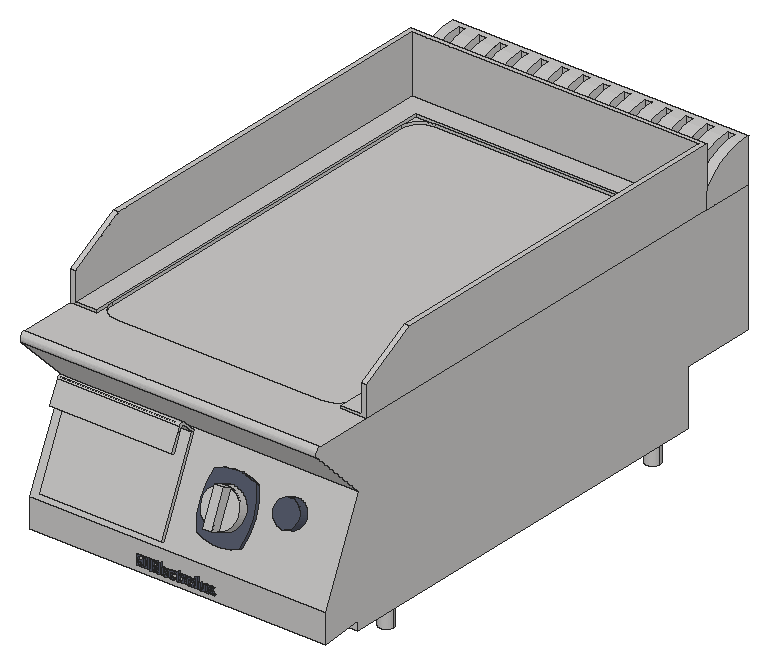
Revit family "QF_ELECTROLUXPROFESSIONAL_371408_E7IIDTAOMCI", category Attrezzature speciali, Revit 2018
Family settings
  Quota connettore circolare = Usa diametro
  Tipo di parte = Normale
  Basato su piano di lavoro = No
  Sempre verticale = Sì
  Taglio con vuoti quando caricato = No
  Condiviso = No
  Punto di calcolo locali = No
Parameters (values of type "Standard")
  Weight = 40.00 kg
  Watts = 0 W
  Volts = 0 V
  URL Manufacturer = "https://www.electroluxprofessional.com/"
  URL = "https://www.electroluxprofessional.com/"
  Steam Supply Size = 0"
  Steam Supply Minimum Pressure = 0.00 psi
  Steam Supply Maximum Pressure = 0.00 psi
  Steam Consumption per Hour = 0
  Show Logo [instance] = yes
  Show Clearance [instance] = yes
  Refrigeration Suction Line Size = 0 mm
  Refrigeration Liquid Line Size = 0 mm
  Refrigerant Compressor Remote = yes
  Phase = 0
  Modello = "E7IIDTAOMCI"
  Produttore = "Electrolux Professional"
  Length Actual = 400 mm  # constant formula
  Item Number = "371408"
  Hot Water Size = 0"
  Height Actual = 250 mm  # constant formula
  HP = "0 HP"
  Gas Size = 1/2"
  Gas KW = 7
  Gas Input Pressure = 0.234579 Btu/h
  Direct Waste Size = 0"
  Descrizione = "GAS FRY TOP-SMOOTH POLISHED CHROME PLATE 400MM - QMARK"
  Depth Actual = 730 mm  # constant formula
  Cycle = 0 Hz
  Condensate Return Size = 0"
  Compressed Air Volume = 0 GPM
  Compressed Air Size = 0"
  Compressed Air Pressure = 0.00 psi
  Cold Water Size = 0"
  Base Height [instance] = 23.813 mm  # constant formula
  Assembly Code = ""
  Accessory = yes
Values of the unnamed type that differ from the named types
  Weight = 0.00 kg
  URL Manufacturer = ""
  Item Number = ""
  HP = ""
  Gas KW = 0
  Gas Input Pressure = 0.0 Btu/h
Reference planes
  plane 1 "BACK": y = 0
  plane 2: z = 0
  plane 3 "LEFT": x = 0
  plane 4 "RIGHT": x = 400.05
  plane 5 "FRONT": y = -730.25
  plane 6 "TOP": z = 288.925
  plane 7 "Center Y": x = 200.025
  plane 8 "Center X": y = -365.125
  plane 9 "BASE": z = 23.813
  plane 10 "TOP A": z = 274.638
  plane 11: y = -597.884
  plane 12: y = -147.637
  plane 13: z = 355
Forms (mm)
  Extrusion 1, solid, material "QF_Finishes_Stainless Steel"
    sketch origin (0, 0, 0) x (0, 1, 0) y (0, 0, 1)
      loop
        line (0, 274.638) -> (-722.901, 274.638)
        arc (-722.901, 274.638) -> (-729.676, 270.11) -> (-728.087, 262.117) r 7.334
        line (-728.087, 262.117) -> (-657.416, 191.447) -> (-713.772, 69.003) -> (-713.772, 30.903) -> (-660.4, 36.513) -> (-660.4, 23.812) -> (-101.6, 23.812) -> (-101.6, 98.425) -> (0, 98.425) -> (0, 274.638)
    from 0 to 400.05
  Extrusion 2, void
    sketch origin (0, -2.381, 274.638) x (-1, 0, 0) y (0, -1, 0)
      loop
        arc (-60.425, 102.504) -> (-42.464, 109.943) -> (-35.025, 127.904) r 25.4
        line (-35.025, 127.904) -> (-35.025, 617.104)
        arc (-35.025, 617.104) -> (-42.464, 635.064) -> (-60.425, 642.504) r 25.4
        line (-60.425, 642.504) -> (-339.625, 642.504)
        arc (-339.625, 642.504) -> (-357.586, 635.064) -> (-365.025, 617.104) r 25.4
        line (-365.025, 617.104) -> (-365.025, 127.904)
        arc (-365.025, 127.904) -> (-357.586, 109.943) -> (-339.625, 102.504) r 25.4
        line (-339.625, 102.504) -> (-60.425, 102.504)
    from 0 to -3.2
  Extrusion 3, solid, material "QF_Finishes_Stainless Steel"
    sketch origin (0, 0, 0) x (1, 0, 0) y (0, 1, 0)
      loop
        circle (11.112, -147.638) r 9.525
      loop
        circle (11.112, -597.884) r 9.525
      loop
        circle (388.937, -147.638) r 9.525
      loop
        circle (388.937, -597.884) r 9.525
    from 0 to 23.813
  Extrusion 4, solid, material "QF_Finishes_Navy Blue", visible <- "Show Logo"
    sketch origin (-141.676, -713.772, 30.903) x (0, 0, 1) y (-1, 0, 0)
      loop
        line (20.674, -296.698) -> (8.307, -296.698)
        arc (8.307, -296.698) -> (14.491, -301.27) -> (20.674, -296.698) r 6.467
      loop
        arc (20.674, -296.069) -> (19.505, -290.926) -> (14.849, -288.448) r 6.338
        line (14.849, -288.448) -> (14.849, -290.494)
        arc (14.849, -290.494) -> (16.333, -294.149) -> (19.778, -296.069) r 5.941
        line (19.778, -296.069) -> (20.674, -296.069)
      loop
        arc (9.203, -296.069) -> (12.648, -294.149) -> (14.132, -290.494) r 5.941
        line (14.132, -290.494) -> (14.132, -288.448)
        arc (14.132, -288.448) -> (9.438, -290.922) -> (8.148, -296.069) r 6.504
        line (8.148, -296.069) -> (9.203, -296.069)
      loop
        line (21.349, -287.979) -> (7.604, -287.979) -> (7.604, -301.742) -> (21.349, -301.742) -> (21.349, -287.979)
      loop
        arc (21.432, -304.71) -> (21.085, -304.352) -> (20.718, -304.69) r 0.358
        arc (20.718, -304.69) -> (20.404, -305.44) -> (19.687, -305.825) r 1.216
        line (19.687, -305.825) -> (9.274, -305.825)
        arc (9.274, -305.825) -> (8.614, -305.548) -> (8.218, -304.951) r 1.238
        arc (8.218, -304.951) -> (7.823, -304.7) -> (7.518, -305.054) r 0.358
        line (7.518, -305.054) -> (7.518, -314.933) -> (10.269, -314.933) -> (10.269, -314.036)
        arc (10.269, -314.036) -> (9.36, -313.456) -> (8.904, -312.479) r 1.928
        line (8.904, -312.479) -> (8.904, -309.98)
        arc (8.904, -309.98) -> (9.18, -309.251) -> (9.868, -308.887) r 1.101
        line (9.868, -308.887) -> (13.955, -308.887) -> (13.955, -312.561)
        arc (13.955, -312.561) -> (13.602, -313.058) -> (13.037, -313.286) r 1.083
        arc (13.037, -313.286) -> (12.773, -313.591) -> (13.065, -313.869) r 0.292
        line (13.065, -313.869) -> (16.028, -313.869)
        arc (16.028, -313.869) -> (16.33, -313.596) -> (16.092, -313.266) r 0.305
        arc (16.092, -313.266) -> (15.601, -313.018) -> (15.296, -312.561) r 1.083
        line (15.296, -312.561) -> (15.296, -308.887) -> (19.973, -308.887) -> (19.973, -312.635)
        arc (19.973, -312.635) -> (19.759, -313.39) -> (19.153, -313.888) r 1.314
        arc (19.153, -313.888) -> (18.934, -314.292) -> (19.288, -314.585) r 0.361
        line (19.288, -314.585) -> (21.432, -314.585) -> (21.432, -304.71)
      loop
        arc (20.715, -315.365) -> (20.335, -316.284) -> (19.416, -316.664) r 1.299
        line (19.416, -316.664) -> (9.837, -316.664)
        arc (9.837, -316.664) -> (8.999, -316.286) -> (8.728, -315.408) r 1.118
        line (8.728, -315.408) -> (7.518, -315.408) -> (7.518, -320.758) -> (8.706, -320.758)
        arc (8.706, -320.758) -> (8.978, -319.841) -> (9.848, -319.445) r 1.153
        line (9.848, -319.445) -> (21.92, -319.445) -> (20.715, -315.365)
      loop
        line (12.483, -323.394) -> (12.483, -329.842) -> (13.282, -329.842)
        arc (13.282, -329.842) -> (15.862, -328.857) -> (17.131, -326.404) r 3.874
        line (17.131, -326.404) -> (17.131, -324.643)
        arc (17.131, -324.643) -> (15.944, -321.778) -> (13.08, -320.592) r 4.051
        line (13.08, -320.592) -> (11.072, -320.592)
        arc (11.072, -320.592) -> (8.253, -322.077) -> (7.202, -325.084) r 4.352
        arc (7.202, -325.084) -> (7.566, -327.547) -> (8.943, -329.621) r 5.713
        line (8.943, -329.621) -> (9.892, -329.621)
        arc (9.892, -329.621) -> (9.16, -328.052) -> (8.943, -326.334) r 5.579
        arc (8.943, -326.334) -> (9.737, -324.371) -> (11.616, -323.394) r 3.057
        line (11.616, -323.394) -> (12.483, -323.394)
      loop
        line (13.742, -323.394) -> (13.742, -326.977)
        arc (13.742, -326.977) -> (15.199, -327.024) -> (16.082, -325.864) r 1.59
        line (16.082, -325.864) -> (16.082, -325.034)
        arc (16.082, -325.034) -> (15.217, -323.779) -> (13.742, -323.394) r 2.184
      loop
        arc (16.533, -339.259) -> (17.022, -337.585) -> (17.179, -335.848) r 9.023
        line (17.179, -335.848) -> (17.179, -334.486)
        arc (17.179, -334.486) -> (16.02, -331.686) -> (13.22, -330.527) r 3.959
        line (13.22, -330.527) -> (10.62, -330.527)
        arc (10.62, -330.527) -> (8.338, -331.819) -> (7.221, -334.192) r 4.331
        line (7.221, -334.192) -> (7.221, -336.327)
        arc (7.221, -336.327) -> (7.729, -337.877) -> (8.651, -339.223) r 5.772
        arc (8.651, -339.223) -> (9.412, -339.274) -> (9.499, -338.515) r 0.553
        arc (9.499, -338.515) -> (9.111, -337.781) -> (8.977, -336.962) r 2.573
        line (8.977, -336.962) -> (8.977, -335.447)
        arc (8.977, -335.447) -> (9.983, -333.806) -> (11.798, -333.163) r 2.884
        line (11.798, -333.163) -> (13.077, -333.163)
        arc (13.077, -333.163) -> (14.898, -333.723) -> (15.824, -335.388) r 2.554
        line (15.824, -335.388) -> (15.824, -336.441)
        arc (15.824, -336.441) -> (15.493, -337.369) -> (14.836, -338.104) r 2.564
        arc (14.836, -338.104) -> (14.614, -338.821) -> (15.223, -339.259) r 0.643
        line (15.223, -339.259) -> (16.533, -339.259)
      loop
        line (15.515, -339.53) -> (15.515, -341.031) -> (9.467, -341.031)
        arc (9.467, -341.031) -> (7.879, -341.688) -> (7.221, -343.276) r 2.246
        line (7.221, -343.276) -> (7.221, -344.86)
        arc (7.221, -344.86) -> (7.535, -345.725) -> (8.035, -346.496) r 4.06
        arc (8.035, -346.496) -> (8.768, -346.629) -> (9.019, -345.928) r 0.576
        arc (9.019, -345.928) -> (8.913, -345.403) -> (8.977, -344.87) r 1.69
        arc (8.977, -344.87) -> (9.519, -344.082) -> (10.425, -343.779) r 1.506
        line (10.425, -343.779) -> (15.563, -343.779) -> (15.563, -346.176) -> (16.119, -346.733) -> (16.941, -346.733) -> (16.941, -343.873) -> (20.172, -343.873) -> (15.515, -339.53)
      loop
        line (7.438, -347.63) -> (7.438, -353.017) -> (8.548, -353.017)
        arc (8.548, -353.017) -> (8.942, -352.066) -> (9.893, -351.672) r 1.345
        line (9.893, -351.672) -> (13.509, -351.672)
        arc (13.509, -351.672) -> (14.274, -352.264) -> (14.564, -353.186) r 1.615
        line (14.564, -353.186) -> (14.564, -354.742) -> (17.119, -355.427) -> (17.119, -354.044) -> (15.177, -351.485) -> (17.057, -351.485) -> (16.773, -348.779)
        arc (16.773, -348.779) -> (16.333, -348.249) -> (15.674, -348.45) r 0.621
        arc (15.674, -348.45) -> (15.274, -348.792) -> (14.78, -348.975) r 1.501
        line (14.78, -348.975) -> (9.893, -348.975)
        arc (9.893, -348.975) -> (8.942, -348.581) -> (8.548, -347.63) r 1.345
        line (8.548, -347.63) -> (7.438, -347.63)
      loop
        line (13.54, -354.964) -> (10.848, -354.964)
        arc (10.848, -354.964) -> (8.403, -356.272) -> (7.269, -358.803) r 4.288
        arc (7.269, -358.803) -> (7.205, -360.183) -> (7.269, -361.563) r 15.022
        arc (7.269, -361.563) -> (8.403, -364.094) -> (10.848, -365.401) r 4.288
        line (10.848, -365.401) -> (13.54, -365.401)
        arc (13.54, -365.401) -> (15.986, -364.094) -> (17.119, -361.563) r 4.288
        arc (17.119, -361.563) -> (17.183, -360.183) -> (17.119, -358.803) r 15.022
        arc (17.119, -358.803) -> (15.986, -356.272) -> (13.54, -354.964) r 4.288
      loop
        line (13.745, -358.078) -> (10.643, -358.078)
        arc (10.643, -358.078) -> (8.486, -360.235) -> (10.643, -362.392) r 2.157
        line (10.643, -362.392) -> (13.745, -362.392)
        arc (13.745, -362.392) -> (15.902, -360.235) -> (13.745, -358.078) r 2.157
      loop
        arc (20.726, -365.26) -> (20.355, -366.154) -> (19.461, -366.524) r 1.264
        line (19.461, -366.524) -> (9.597, -366.524)
        arc (9.597, -366.524) -> (8.727, -366.127) -> (8.455, -365.211) r 1.153
        line (8.455, -365.211) -> (7.518, -365.211) -> (7.518, -370.319) -> (8.446, -370.319)
        arc (8.446, -370.319) -> (8.805, -369.547) -> (9.597, -369.232) r 1.153
        line (9.597, -369.232) -> (21.92, -369.232) -> (20.726, -365.26)
      loop
        arc (15.846, -369.857) -> (15.647, -370.921) -> (14.678, -371.403) r 1.215
        line (14.678, -371.403) -> (9.658, -371.403)
        arc (9.658, -371.403) -> (8.043, -372.051) -> (7.322, -373.634) r 2.338
        line (7.322, -373.634) -> (7.322, -375.148)
        arc (7.322, -375.148) -> (7.497, -376.152) -> (7.999, -377.038) r 2.979
        line (7.999, -377.038) -> (7.518, -378.835) -> (7.518, -380.524) -> (16.943, -380.524) -> (16.649, -376.32) -> (15.863, -376.32)
        arc (15.863, -376.32) -> (15.507, -377.156) -> (14.755, -377.665) r 1.605
        line (14.755, -377.665) -> (9.652, -377.665)
        arc (9.652, -377.665) -> (9.232, -376.728) -> (9.159, -375.704) r 2.94
        arc (9.159, -375.704) -> (9.72, -374.603) -> (10.873, -374.16) r 1.724
        line (10.873, -374.16) -> (17.07, -374.16) -> (15.846, -369.857)
      loop
        line (16.874, -381.377) -> (15.202, -383.423) -> (12.028, -385.729) -> (8.572, -382.617)
        arc (8.572, -382.617) -> (8.335, -382.223) -> (8.357, -381.764) r 0.789
        line (8.357, -381.764) -> (7.518, -381.764) -> (7.518, -385.309) -> (8.344, -385.309)
        arc (8.344, -385.309) -> (8.686, -384.947) -> (9.176, -385.039) r 0.52
        line (9.176, -385.039) -> (10.976, -386.51) -> (8.858, -387.886)
        arc (8.858, -387.886) -> (8.457, -387.576) -> (8.37, -387.076) r 0.7
        line (8.37, -387.076) -> (7.518, -387.076) -> (7.518, -393.003) -> (8.405, -393.003)
        arc (8.405, -393.003) -> (8.472, -392.344) -> (8.866, -391.813) r 1.247
        line (8.866, -391.813) -> (13.066, -388.532) -> (15.513, -390.585) -> (16.874, -392.327) -> (16.874, -388.604) -> (15.389, -389.026) -> (13.868, -387.749) -> (15.568, -386.559) -> (16.874, -387.336) -> (16.874, -381.377)
    from 0 to 1.644
  Extrusion 5, solid, material "QF_Finishes_Stainless Steel"
    sketch origin (0, -101.6, 101.6) x (0, 0, -1) y (-1, 0, 0)
      loop
        circle (43.882, -347.663) r 6.35
    from 0 to 3.175
  Extrusion 6, solid, material "QF_Finishes_Clearance", visible <- "Show Clearance", detail levels coarse
    sketch origin (0, 0, 0) x (1, 0, 0) y (0, 1, 0)
      loop
        line (0, -730.25) -> (0, 0) -> (400.05, 0) -> (400.05, -730.25) -> (550.069, -730.25) -> (550.069, 150.019) -> (-150.019, 150.019) -> (-150.019, -730.25) -> (0, -730.25)
    from 0 to 355
  Extrusion 7, solid, material "QF_Finishes_Stainless Steel"
    sketch origin (0, 0, 0) x (0, 1, 0) y (0, 0, 1)
      loop
        line (-658.831, 188.372) -> (-675.238, 204.778)
        arc (-675.238, 204.778) -> (-679.705, 206.181) -> (-683.409, 203.316) r 5.058
        line (-683.409, 203.316) -> (-696.071, 175.806) -> (-693.187, 174.479) -> (-680.525, 201.989)
        arc (-680.525, 201.989) -> (-679.146, 203.055) -> (-677.483, 202.533) r 1.883
        line (-677.483, 202.533) -> (-662.64, 187.69) -> (-713.474, 77.245) -> (-710.589, 75.918) -> (-658.831, 188.372)
    from 12.7 to 177.8
  Extrusion 8, solid, material "QF_Finishes_Drawer Clearance", visible <- "Show Clearance", detail levels coarse
    sketch origin (0, -101.6, 0) x (0, 1, 0) y (0, 0, 1)
      loop
        line (-660.751, 174.479) -> (-648.089, 201.989)
        arc (-648.089, 201.989) -> (-646.71, 203.055) -> (-645.046, 202.533) r 1.883
        line (-645.046, 202.533) -> (-630.204, 187.69) -> (-681.037, 77.245) -> (-678.153, 75.918) -> (-608.989, 75.918) -> (-557.231, 188.372) -> (-573.638, 204.778)
        arc (-573.638, 204.778) -> (-574.873, 205.685) -> (-576.323, 206.181) r 5.058
        line (-576.323, 206.181) -> (-647.269, 206.181)
        arc (-647.269, 206.181) -> (-649.472, 205.203) -> (-650.973, 203.316) r 5.058
        line (-650.973, 203.316) -> (-663.635, 175.806) -> (-660.751, 174.479)
    from 12.7 to 177.8
  Extrusion 9, solid, material "QF_Finishes_Stainless Steel"
    sketch origin (0, 0, 0) x (0, 1, 0) y (0, 0, 1)
      loop
        line (0, 274.638) -> (0, 333.375)
        arc (0, 333.375) -> (-38.879, 324.991) -> (-69.85, 300.038) r 86.156
        line (-69.85, 300.038) -> (-69.85, 274.638) -> (0, 274.638)
    from 0 to 400.05
  Extrusion 10, void
    sketch origin (0, 0, 274.638) x (-1, 0, 0) y (0, -1, 0)
      loop
        line (-13.453, 6.761) -> (-13.453, 63.911) -> (-22.749, 63.911) -> (-22.749, 6.761) -> (-13.453, 6.761)
    from 25.4 to 63.5
  Extrusion 11, void
    sketch origin (400.05, 0, 274.638) x (1, 0, 0) y (0, 1, 0)
      loop
        line (-13.453, -6.761) -> (-22.749, -6.761) -> (-22.749, -63.911) -> (-13.453, -63.911) -> (-13.453, -6.761)
    from 25.4 to 63.5
  Extrusion 12, void
    sketch origin (27.988, 0, 274.638) x (-1, 0, 0) y (0, -1, 0)
      loop
        line (-13.453, 6.761) -> (-13.453, 63.911) -> (-22.749, 63.911) -> (-22.749, 6.761) -> (-13.453, 6.761)
    from 25.4 to 63.5
  Extrusion 13, void
    sketch origin (55.977, 0, 274.638) x (-1, 0, 0) y (0, -1, 0)
      loop
        line (-13.453, 6.761) -> (-13.453, 63.911) -> (-22.749, 63.911) -> (-22.749, 6.761) -> (-13.453, 6.761)
    from 25.4 to 63.5
  Extrusion 14, void
    sketch origin (83.965, 0, 274.638) x (-1, 0, 0) y (0, -1, 0)
      loop
        line (-13.453, 6.761) -> (-13.453, 63.911) -> (-22.749, 63.911) -> (-22.749, 6.761) -> (-13.453, 6.761)
    from 25.4 to 63.5
  Extrusion 15, void
    sketch origin (111.953, 0, 274.638) x (-1, 0, 0) y (0, -1, 0)
      loop
        line (-13.453, 6.761) -> (-13.453, 63.911) -> (-22.749, 63.911) -> (-22.749, 6.761) -> (-13.453, 6.761)
    from 25.4 to 63.5
  Extrusion 16, void
    sketch origin (139.942, 0, 274.638) x (-1, 0, 0) y (0, -1, 0)
      loop
        line (-13.453, 6.761) -> (-13.453, 63.911) -> (-22.749, 63.911) -> (-22.749, 6.761) -> (-13.453, 6.761)
    from 25.4 to 63.5
  Extrusion 17, void
    sketch origin (167.93, 0, 274.638) x (-1, 0, 0) y (0, -1, 0)
      loop
        line (-13.453, 6.761) -> (-13.453, 63.911) -> (-22.749, 63.911) -> (-22.749, 6.761) -> (-13.453, 6.761)
    from 25.4 to 63.5
  Extrusion 18, void
    sketch origin (195.918, 0, 274.638) x (-1, 0, 0) y (0, -1, 0)
      loop
        line (-13.453, 6.761) -> (-13.453, 63.911) -> (-22.749, 63.911) -> (-22.749, 6.761) -> (-13.453, 6.761)
    from 25.4 to 63.5
  Extrusion 19, void
    sketch origin (223.907, 0, 274.638) x (-1, 0, 0) y (0, -1, 0)
      loop
        line (-13.453, 6.761) -> (-13.453, 63.911) -> (-22.749, 63.911) -> (-22.749, 6.761) -> (-13.453, 6.761)
    from 25.4 to 63.5
  Extrusion 20, void
    sketch origin (251.895, 0, 274.638) x (-1, 0, 0) y (0, -1, 0)
      loop
        line (-13.453, 6.761) -> (-13.453, 63.911) -> (-22.749, 63.911) -> (-22.749, 6.761) -> (-13.453, 6.761)
    from 25.4 to 63.5
  Extrusion 21, void
    sketch origin (279.884, 0, 274.638) x (-1, 0, 0) y (0, -1, 0)
      loop
        line (-13.453, 6.761) -> (-13.453, 63.911) -> (-22.749, 63.911) -> (-22.749, 6.761) -> (-13.453, 6.761)
    from 25.4 to 63.5
  Extrusion 22, void
    sketch origin (307.872, 0, 274.638) x (-1, 0, 0) y (0, -1, 0)
      loop
        line (-13.453, 6.761) -> (-13.453, 63.911) -> (-22.749, 63.911) -> (-22.749, 6.761) -> (-13.453, 6.761)
    from 25.4 to 63.5
  Extrusion 23, void
    sketch origin (335.86, 0, 274.638) x (-1, 0, 0) y (0, -1, 0)
      loop
        line (-13.453, 6.761) -> (-13.453, 63.911) -> (-22.749, 63.911) -> (-22.749, 6.761) -> (-13.453, 6.761)
    from 25.4 to 63.5
  Sweep 24, solid, material "QF_Finishes_Stainless Steel"
    path origin (0, -2.381, 274.638) x (-1, 0, 0) y (0, -1, 0)
      loop
        line (-365.025, 642.504) -> (-365.025, 102.504) -> (-35.025, 102.504) -> (-35.025, 642.504)
    profile origin (35.025, -374.885, 274.638) x (1, 0, 0) y (0, 0, 1)
      loop
        line (-35.025, 0) -> (0, 0) -> (0, 3.175) -> (-28.675, 3.175) -> (-28.675, 80.362) -> (-35.025, 80.362) -> (-35.025, 0)
  Extrusion 25, void
    sketch origin (0, -69.86, 274.638) x (0, 1, 0) y (0, 0, 1)
      loop
        line (-575.025, 40.481) -> (-501.995, 80.362) -> (-575.025, 80.362) -> (-575.025, 40.481)
    from 0 to 6.35
  Extrusion 26, void
    sketch origin (400.05, -644.885, 274.638) x (0, -1, 0) y (0, 0, 1)
      loop
        line (0, 40.481) -> (0, 80.362) -> (-73.03, 80.362) -> (0, 40.481)
    from 0 to 6.35
  Extrusion 27, solid, material "QF_Finishes_Navy Blue"
    sketch origin (85.294, -713.772, 69.003) x (0, 0.418102, 0.9084) y (-1, 0, 0)
      loop
        arc (102.623, -132.62) -> (67.041, -124.996) -> (31.333, -132.003) r 90.5
        arc (31.333, -132.003) -> (24.507, -161.19) -> (31.333, -190.378) r 65.817
        arc (31.333, -190.378) -> (67.04, -197.338) -> (102.623, -189.765) r 91.066
        arc (102.623, -189.765) -> (109.179, -161.193) -> (102.623, -132.62) r 65.546
    from 0 to 3.175
  Extrusion 28, solid, material "QF_Finishes_Stainless Steel"
    sketch origin (85.294, -717.485, 68.529) x (0, 0.418102, 0.9084) y (-1, 0, 0)
      loop
        circle (68.826, -160.963) r 25.4
    from 0 to 12.7
  Extrusion 29, solid, material "QF_Finishes_Stainless Steel"
    sketch origin (85.294, -729.022, 73.839) x (0, 0.418102, 0.9084) y (-1, 0, 0)
      loop
        arc (93.558, -166.749) -> (94.226, -160.963) -> (93.558, -155.177) r 25.4
        line (93.558, -155.177) -> (44.094, -155.177)
        arc (44.094, -155.177) -> (43.426, -160.963) -> (44.094, -166.749) r 25.4
        line (44.094, -166.749) -> (93.558, -166.749)
    from 0 to 12.7
  Extrusion 30, solid, material "QF_Finishes_Navy Blue"
    sketch origin (11.906, -704.812, 88.471) x (0, 0.418102, 0.9084) y (-1, 0, 0)
      loop
        circle (65.471, -315.169) r 17.78
    from 0 to 12.7
Cuts and joins
  Extrusion 2 cuts Extrusion 1
  Extrusion 10, Extrusion 11, Extrusion 12, Extrusion 13, Extrusion 14, Extrusion 15, Extrusion 16, Extrusion 17, Extrusion 18, Extrusion 19, Extrusion 20, Extrusion 21, Extrusion 22, Extrusion 23 cuts Extrusion 9
  Extrusion 25, Extrusion 26 cuts Sweep 24
Lines and regions (mm)
  symbolic lines, style "QF-Clearances", visible <- "Show Clearance", detail levels coarse
    curve 1: line (-150.019, 150.019, 274.638) -> (-150.019, -730.25, 274.638)
    curve 2: line (550.069, 150.019, 274.638) -> (-150.019, 150.019, 274.638)
    curve 3: line (550.069, -730.25, 274.638) -> (550.069, 150.019, 274.638)
  symbolic lines
    curve 4: line (0, 0, 274.638) -> (400.05, 0, 274.638)
    curve 5: line (0, -730.25, 274.638) -> (0, 0, 274.638)
    curve 6: line (400.05, 0, 274.638) -> (400.05, -730.25, 274.638)
    curve 7: line (35.025, -130.285, 274.638) -> (35.025, -644.885, 274.638)
    curve 8: arc (35.025, -619.485, 274.638) -> (42.464, -637.445, 274.638) -> (60.425, -644.885, 274.638) r 25.4
    curve 9: line (0, -644.885, 274.638) -> (35.025, -644.885, 274.638)
    curve 10: arc (339.625, -644.885, 274.638) -> (357.586, -637.445, 274.638) -> (365.025, -619.485, 274.638) r 25.4
    curve 11: line (365.025, -644.885, 274.638) -> (365.025, -130.285, 274.638)
    curve 12: line (339.625, -104.885, 274.638) -> (60.425, -104.885, 274.638)
    curve 13: line (0, -69.85, 274.638) -> (400.05, -69.85, 274.638)
    curve 14: line (400.05, -730.25, 274.638) -> (0, -730.25, 274.638)
    curve 15: arc (60.425, -104.885, 274.638) -> (42.464, -112.324, 274.638) -> (35.025, -130.285, 274.638) r 25.4
    curve 16: arc (339.625, -104.885, 274.638) -> (357.586, -112.324, 274.638) -> (365.025, -130.285, 274.638) r 25.4
    curve 17: line (6.35, -76.21, 274.638) -> (6.35, -644.885, 274.638)
    curve 18: line (6.35, -76.21, 274.638) -> (393.7, -76.21, 274.638)
    curve 19: line (393.7, -76.21, 274.638) -> (393.7, -644.885, 274.638)
    curve 20: line (13.453, -6.761, 274.638) -> (22.749, -6.761, 274.638)
    curve 21: line (13.453, -63.911, 274.638) -> (13.453, -6.761, 274.638)
    curve 22: line (22.749, -63.911, 274.638) -> (13.453, -63.911, 274.638)
    curve 23: line (22.749, -6.761, 274.638) -> (22.749, -63.911, 274.638)
    curve 24: line (41.441, -6.761, 274.638) -> (50.737, -6.761, 274.638)
    curve 25: line (41.441, -63.911, 274.638) -> (41.441, -6.761, 274.638)
    curve 26: line (50.737, -63.911, 274.638) -> (41.441, -63.911, 274.638)
    curve 27: line (50.737, -6.761, 274.638) -> (50.737, -63.911, 274.638)
    curve 28: line (69.43, -6.761, 274.638) -> (78.725, -6.761, 274.638)
    curve 29: line (69.43, -63.911, 274.638) -> (69.43, -6.761, 274.638)
    curve 30: line (78.725, -63.911, 274.638) -> (69.43, -63.911, 274.638)
    curve 31: line (78.725, -6.761, 274.638) -> (78.725, -63.911, 274.638)
    curve 32: line (97.418, -6.761, 274.638) -> (106.714, -6.761, 274.638)
    curve 33: line (97.418, -63.911, 274.638) -> (97.418, -6.761, 274.638)
    curve 34: line (106.714, -63.911, 274.638) -> (97.418, -63.911, 274.638)
    curve 35: line (106.714, -6.761, 274.638) -> (106.714, -63.911, 274.638)
    curve 36: line (125.406, -6.761, 274.638) -> (134.702, -6.761, 274.638)
    curve 37: line (125.406, -63.911, 274.638) -> (125.406, -6.761, 274.638)
    curve 38: line (134.702, -63.911, 274.638) -> (125.406, -63.911, 274.638)
    curve 39: line (134.702, -6.761, 274.638) -> (134.702, -63.911, 274.638)
    curve 40: line (153.395, -6.761, 274.638) -> (162.69, -6.761, 274.638)
    curve 41: line (153.395, -63.911, 274.638) -> (153.395, -6.761, 274.638)
    curve 42: line (162.69, -63.911, 274.638) -> (153.395, -63.911, 274.638)
    curve 43: line (162.69, -6.761, 274.638) -> (162.69, -63.911, 274.638)
    curve 44: line (181.383, -6.761, 274.638) -> (190.679, -6.761, 274.638)
    curve 45: line (181.383, -63.911, 274.638) -> (181.383, -6.761, 274.638)
    curve 46: line (190.679, -63.911, 274.638) -> (181.383, -63.911, 274.638)
    curve 47: line (190.679, -6.761, 274.638) -> (190.679, -63.911, 274.638)
    curve 48: line (209.371, -6.761, 274.638) -> (218.667, -6.761, 274.638)
    curve 49: line (209.371, -63.911, 274.638) -> (209.371, -6.761, 274.638)
    curve 50: line (218.667, -63.911, 274.638) -> (209.371, -63.911, 274.638)
    curve 51: line (218.667, -6.761, 274.638) -> (218.667, -63.911, 274.638)
    curve 52: line (237.36, -6.761, 274.638) -> (246.655, -6.761, 274.638)
    curve 53: line (237.36, -63.911, 274.638) -> (237.36, -6.761, 274.638)
    curve 54: line (246.655, -63.911, 274.638) -> (237.36, -63.911, 274.638)
    curve 55: line (246.655, -6.761, 274.638) -> (246.655, -63.911, 274.638)
    curve 56: line (265.348, -6.761, 274.638) -> (274.644, -6.761, 274.638)
    curve 57: line (265.348, -63.911, 274.638) -> (265.348, -6.761, 274.638)
    curve 58: line (274.644, -63.911, 274.638) -> (265.348, -63.911, 274.638)
    curve 59: line (274.644, -6.761, 274.638) -> (274.644, -63.911, 274.638)
    curve 60: line (293.336, -6.761, 274.638) -> (302.632, -6.761, 274.638)
    curve 61: line (293.336, -63.911, 274.638) -> (293.336, -6.761, 274.638)
    curve 62: line (302.632, -63.911, 274.638) -> (293.336, -63.911, 274.638)
    curve 63: line (302.632, -6.761, 274.638) -> (302.632, -63.911, 274.638)
    curve 64: line (321.325, -6.761, 274.638) -> (330.62, -6.761, 274.638)
    curve 65: line (321.325, -63.911, 274.638) -> (321.325, -6.761, 274.638)
    curve 66: line (330.62, -63.911, 274.638) -> (321.325, -63.911, 274.638)
    curve 67: line (330.62, -6.761, 274.638) -> (330.62, -63.911, 274.638)
    curve 68: line (349.313, -6.761, 274.638) -> (358.609, -6.761, 274.638)
    curve 69: line (349.313, -63.911, 274.638) -> (349.313, -6.761, 274.638)
    curve 70: line (358.609, -63.911, 274.638) -> (349.313, -63.911, 274.638)
    curve 71: line (358.609, -6.761, 274.638) -> (358.609, -63.911, 274.638)
    curve 72: line (377.301, -6.761, 274.638) -> (386.597, -6.761, 274.638)
    curve 73: line (377.301, -63.911, 274.638) -> (377.301, -6.761, 274.638)
    curve 74: line (386.597, -63.911, 274.638) -> (377.301, -63.911, 274.638)
    curve 75: line (386.597, -6.761, 274.638) -> (386.597, -63.911, 274.638)
    curve 76: line (365.025, -644.885, 274.638) -> (400.05, -644.885, 274.638)
    curve 77: line (60.425, -644.885, 274.638) -> (339.625, -644.885, 274.638)
  symbolic lines, style "QF_Drawer Clearance"
    curve 78: line (12.7, -782.637, 0) -> (12.7, -730.25, 0)
    curve 79: line (12.7, -782.637, 0) -> (177.8, -782.637, 0)
    curve 80: line (177.8, -782.637, 0) -> (177.8, -730.25, 0)
Dimensions and locks
  equal spacing: plane 3 "LEFT", plane 7 "Center Y", plane 4 "RIGHT"
  plane 3 "LEFT" to plane 4 "RIGHT" = 400.05 mm
  equal spacing: plane 5 "FRONT", plane 8 "Center X", plane 1 "BACK"
  plane 5 "FRONT" to plane 1 "BACK" = 730.25 mm
  plane 1 "BACK" to plane 5 "FRONT" = 730.25 mm
  "Base Height": plane 9 "BASE" to level
  locked: plane 10 "TOP A" to plane 9 "BASE" at 250.825
  plane 4 "RIGHT" to Extrusion 5 sketch curve = 52.388 mm
  Sweep 24 sketch curve to level = 355 mm
  plane 10 "TOP A" to plane 9 "BASE" = 250.825 mm
  plane 9 "BASE" to level = 23.813 mm
  plane 9 "BASE" to cut or joined group of Extrusion 1, Extrusion 2 = 74.612 mm
  plane 13 to Extrusion 6 = 355 mm
  Extrusion 5 sketch curve to plane 9 "BASE" = 33.906 mm
  aligned and locked: level to plane 2
  aligned and locked: plane 4 "RIGHT" to Extrusion 1
  aligned and locked: plane 9 "BASE" to Extrusion 3
  aligned: plane 6 "TOP" to Extrusion 6
Automatic sketch dimensions
  plane 1 "BACK" to Extrusion 14 sketch curve = 6.761 mm
  Extrusion 14 sketch curve to plane 7 "Center Y" = 93.311 mm
  Extrusion 14 sketch curve to Extrusion 14 sketch curve = 9.296 mm
  Extrusion 14 sketch curve to Extrusion 14 sketch curve = 57.15 mm
  plane 1 "BACK" to Extrusion 15 sketch curve = 6.761 mm
  Extrusion 15 sketch curve to plane 7 "Center Y" = 65.323 mm
  Extrusion 15 sketch curve to Extrusion 15 sketch curve = 9.296 mm
  Extrusion 15 sketch curve to Extrusion 15 sketch curve = 57.15 mm
  plane 1 "BACK" to Extrusion 16 sketch curve = 6.761 mm
  Extrusion 16 sketch curve to plane 7 "Center Y" = 37.335 mm
  Extrusion 16 sketch curve to Extrusion 16 sketch curve = 9.296 mm
  Extrusion 16 sketch curve to Extrusion 16 sketch curve = 57.15 mm
  Extrusion 17 sketch curve to plane 7 "Center Y" = 9.346 mm
  Extrusion 17 sketch curve to Extrusion 17 sketch curve = 9.296 mm
  plane 1 "BACK" to Extrusion 17 sketch curve = 6.761 mm
  Extrusion 17 sketch curve to Extrusion 17 sketch curve = 57.15 mm
  plane 1 "BACK" to Extrusion 18 sketch curve = 6.761 mm
  plane 7 "Center Y" to Extrusion 18 sketch curve = 18.642 mm
  Extrusion 18 sketch curve to Extrusion 18 sketch curve = 9.296 mm
  Extrusion 18 sketch curve to Extrusion 18 sketch curve = 57.15 mm
  plane 1 "BACK" to Extrusion 19 sketch curve = 6.761 mm
  plane 7 "Center Y" to Extrusion 19 sketch curve = 46.63 mm
  Extrusion 19 sketch curve to Extrusion 19 sketch curve = 9.296 mm
  Extrusion 19 sketch curve to Extrusion 19 sketch curve = 57.15 mm
  plane 1 "BACK" to Extrusion 20 sketch curve = 6.761 mm
  plane 7 "Center Y" to Extrusion 20 sketch curve = 74.619 mm
  Extrusion 20 sketch curve to Extrusion 20 sketch curve = 9.296 mm
  Extrusion 20 sketch curve to Extrusion 20 sketch curve = 57.15 mm
  Extrusion 2 sketch curve to plane 4 "RIGHT" = 35.025 mm
  Extrusion 2 sketch curve to Extrusion 2 sketch curve = 25.4 mm  (x3)
  Extrusion 2 sketch curve to plane 12 = 17.353 mm
  plane 3 "LEFT" to Extrusion 2 sketch curve = 60.425 mm  (x2)
  plane 11 to Extrusion 2 sketch curve = 21.6 mm
  plane 11 to Extrusion 3 sketch curve = 0 mm  (x2)
  plane 12 to Extrusion 3 sketch curve = 0 mm  (x2)
  plane 3 "LEFT" to Extrusion 3 sketch curve = 11.112 mm  (x2)
  Extrusion 3 sketch curve to plane 4 "RIGHT" = 11.113 mm  (x2)
  Extrusion 4 sketch curve to Extrusion 1 = 2.161 mm
  Extrusion 4 sketch curve to Extrusion 1 = 7.202 mm
  Extrusion 4 sketch curve to Extrusion 1 = 7.221 mm  (x2)
  Extrusion 4 sketch curve to Extrusion 4 sketch curve = 5.108 mm  (x2)
  Extrusion 4 sketch curve to Extrusion 4 sketch curve = 0 mm  (x27)
  Extrusion 4 sketch curve to Extrusion 1 = 7.322 mm
  Extrusion 4 sketch curve to Extrusion 4 sketch curve = 0.218 mm
  Extrusion 4 sketch curve to Extrusion 4 sketch curve = 0.195 mm
  Extrusion 4 sketch curve to Extrusion 4 sketch curve = 0.249 mm
  Extrusion 4 sketch curve to Extrusion 1 = 7.518 mm
  Extrusion 4 sketch curve to Extrusion 4 sketch curve = 0.087 mm
  Extrusion 4 sketch curve to Extrusion 4 sketch curve = 0.358 mm
  Extrusion 4 sketch curve to Extrusion 4 sketch curve = 0.481 mm
  Extrusion 4 sketch curve to Extrusion 4 sketch curve = 0.597 mm
  Extrusion 4 sketch curve to Extrusion 4 sketch curve = 0.544 mm
  Extrusion 4 sketch curve to Extrusion 4 sketch curve = 0.936 mm
  Extrusion 4 sketch curve to Extrusion 4 sketch curve = 0.594 mm
  Extrusion 4 sketch curve to Extrusion 4 sketch curve = 0.343 mm
  Extrusion 4 sketch curve to Extrusion 4 sketch curve = 0.159 mm
  Extrusion 4 sketch curve to Extrusion 4 sketch curve = 0.826 mm
  Extrusion 4 sketch curve to Extrusion 4 sketch curve = 0.839 mm
  Extrusion 4 sketch curve to Extrusion 4 sketch curve = 0.852 mm
  Extrusion 4 sketch curve to Extrusion 4 sketch curve = 0.887 mm
  Extrusion 4 sketch curve to Extrusion 4 sketch curve = 0.928 mm
  Extrusion 4 sketch curve to Extrusion 4 sketch curve = 0.938 mm
  Extrusion 4 sketch curve to Extrusion 4 sketch curve = 0.444 mm
  Extrusion 4 sketch curve to Extrusion 4 sketch curve = 1.11 mm  (x3)
  Extrusion 4 sketch curve to Extrusion 4 sketch curve = 0.215 mm
  Extrusion 4 sketch curve to Extrusion 4 sketch curve = 1.43 mm
  Extrusion 4 sketch curve to Extrusion 4 sketch curve = 1.188 mm
  Extrusion 4 sketch curve to Extrusion 4 sketch curve = 1.21 mm  (x2)
  Extrusion 4 sketch curve to Extrusion 4 sketch curve = 0.503 mm
  Extrusion 4 sketch curve to Extrusion 4 sketch curve = 0.488 mm
  Extrusion 4 sketch curve to Extrusion 4 sketch curve = 0.462 mm
  Extrusion 4 sketch curve to Extrusion 4 sketch curve = 1.386 mm
  Extrusion 4 sketch curve to Extrusion 4 sketch curve = 1.742 mm  (x2)
  Extrusion 4 sketch curve to Extrusion 4 sketch curve = 0.821 mm
  Extrusion 4 sketch curve to Extrusion 4 sketch curve = 0.497 mm
  Extrusion 4 sketch curve to Extrusion 4 sketch curve = 0.539 mm
  Extrusion 4 sketch curve to Extrusion 4 sketch curve = 0.686 mm
  Extrusion 4 sketch curve to Extrusion 4 sketch curve = 0.408 mm
  Extrusion 4 sketch curve to Extrusion 4 sketch curve = 0.743 mm
  Extrusion 4 sketch curve to Extrusion 4 sketch curve = 1.16 mm
  Extrusion 4 sketch curve to Extrusion 4 sketch curve = 0.329 mm
  Extrusion 4 sketch curve to Extrusion 4 sketch curve = 1.054 mm
  Extrusion 4 sketch curve to Extrusion 4 sketch curve = 1.056 mm
  Extrusion 4 sketch curve to Extrusion 4 sketch curve = 0.129 mm
  Extrusion 4 sketch curve to Extrusion 4 sketch curve = 0.489 mm
  Extrusion 4 sketch curve to Extrusion 4 sketch curve = 0.441 mm
  Extrusion 4 sketch curve to Extrusion 4 sketch curve = 1.151 mm
  Extrusion 4 sketch curve to Extrusion 4 sketch curve = 1.141 mm  (x2)
  Extrusion 4 sketch curve to Extrusion 4 sketch curve = 0.768 mm
  Extrusion 4 sketch curve to Extrusion 4 sketch curve = 1.653 mm
  Extrusion 4 sketch curve to Extrusion 4 sketch curve = 0.499 mm
  Extrusion 4 sketch curve to Extrusion 4 sketch curve = 0.964 mm
  Extrusion 4 sketch curve to Extrusion 4 sketch curve = 0.949 mm
  Extrusion 4 sketch curve to Extrusion 4 sketch curve = 1.345 mm  (x3)
  Extrusion 4 sketch curve to Extrusion 4 sketch curve = 1.101 mm
  Extrusion 4 sketch curve to Extrusion 4 sketch curve = 0.432 mm
  Extrusion 4 sketch curve to Extrusion 4 sketch curve = 1.142 mm
  Extrusion 4 sketch curve to Extrusion 4 sketch curve = 0.959 mm
  Extrusion 4 sketch curve to Extrusion 4 sketch curve = 0.176 mm
  Extrusion 4 sketch curve to Extrusion 4 sketch curve = 0.728 mm
  Extrusion 4 sketch curve to Extrusion 4 sketch curve = 3.375 mm  (x2)
  Extrusion 4 sketch curve to Extrusion 4 sketch curve = 0.541 mm
  Extrusion 4 sketch curve to Extrusion 4 sketch curve = 0.955 mm
  Extrusion 4 sketch curve to Extrusion 4 sketch curve = 1.251 mm
  Extrusion 4 sketch curve to Extrusion 4 sketch curve = 0.572 mm
  Extrusion 4 sketch curve to Extrusion 4 sketch curve = 1.92 mm
  Extrusion 4 sketch curve to Extrusion 4 sketch curve = 1.224 mm
  Extrusion 4 sketch curve to Extrusion 4 sketch curve = 0.745 mm
  Extrusion 4 sketch curve to Extrusion 4 sketch curve = 2.537 mm
  Extrusion 4 sketch curve to Extrusion 4 sketch curve = 0.896 mm  (x3)
  Extrusion 4 sketch curve to Extrusion 4 sketch curve = 0.036 mm
  Extrusion 4 sketch curve to Extrusion 4 sketch curve = 2.607 mm
  Extrusion 4 sketch curve to Extrusion 4 sketch curve = 0.066 mm
  Extrusion 4 sketch curve to Extrusion 4 sketch curve = 0.248 mm
  Extrusion 4 sketch curve to Extrusion 4 sketch curve = 0.449 mm
  Extrusion 4 sketch curve to Extrusion 4 sketch curve = 1.052 mm
  Extrusion 4 sketch curve to Extrusion 4 sketch curve = 1.863 mm
  Extrusion 4 sketch curve to Extrusion 4 sketch curve = 1.31 mm  (x2)
  Extrusion 4 sketch curve to Extrusion 4 sketch curve = 0.901 mm
  Extrusion 4 sketch curve to Extrusion 4 sketch curve = 1.107 mm
  Extrusion 4 sketch curve to Extrusion 4 sketch curve = 2.122 mm
  Extrusion 4 sketch curve to Extrusion 4 sketch curve = 2.101 mm
  Extrusion 4 sketch curve to Extrusion 4 sketch curve = 0.106 mm
  Extrusion 4 sketch curve to Extrusion 4 sketch curve = 0.029 mm
  Extrusion 4 sketch curve to Extrusion 4 sketch curve = 2.09 mm
  Extrusion 4 sketch curve to Extrusion 4 sketch curve = 1.279 mm
  Extrusion 4 sketch curve to Extrusion 4 sketch curve = 2.008 mm
  Extrusion 4 sketch curve to Extrusion 4 sketch curve = 0.738 mm
  Extrusion 4 sketch curve to Extrusion 4 sketch curve = 0.382 mm
  Extrusion 4 sketch curve to Extrusion 4 sketch curve = 0.384 mm
  Extrusion 4 sketch curve to Extrusion 4 sketch curve = 0.002 mm
  Extrusion 4 sketch curve to Extrusion 4 sketch curve = 0.561 mm
  Extrusion 4 sketch curve to Extrusion 4 sketch curve = 0.592 mm
  Extrusion 4 sketch curve to Extrusion 4 sketch curve = 2.692 mm
  Extrusion 4 sketch curve to Extrusion 4 sketch curve = 1.259 mm
  Extrusion 4 sketch curve to Extrusion 4 sketch curve = 0.802 mm
  Extrusion 4 sketch curve to Extrusion 4 sketch curve = 1.024 mm
  Extrusion 4 sketch curve to Extrusion 4 sketch curve = 0.682 mm
  Extrusion 4 sketch curve to Extrusion 4 sketch curve = 5.934 mm
  Extrusion 4 sketch curve to Extrusion 4 sketch curve = 2.186 mm
  Extrusion 4 sketch curve to Extrusion 4 sketch curve = 0.337 mm
  Extrusion 4 sketch curve to Extrusion 4 sketch curve = 0.021 mm
  Extrusion 4 sketch curve to Extrusion 4 sketch curve = 1.005 mm
  Extrusion 4 sketch curve to Extrusion 4 sketch curve = 0.552 mm
  Extrusion 4 sketch curve to Extrusion 4 sketch curve = 0.778 mm
  Extrusion 4 sketch curve to Extrusion 4 sketch curve = 0.063 mm
  Extrusion 4 sketch curve to Extrusion 4 sketch curve = 1.023 mm
  Extrusion 4 sketch curve to Extrusion 4 sketch curve = 3.804 mm
  Extrusion 4 sketch curve to Extrusion 4 sketch curve = 0.486 mm
  Extrusion 4 sketch curve to Extrusion 4 sketch curve = 0.266 mm
  Extrusion 4 sketch curve to Extrusion 4 sketch curve = 1.547 mm
  Extrusion 4 sketch curve to Extrusion 4 sketch curve = 0.717 mm  (x2)
  Extrusion 4 sketch curve to Extrusion 4 sketch curve = 1.667 mm
  Extrusion 4 sketch curve to Extrusion 4 sketch curve = 3.174 mm
  Extrusion 4 sketch curve to Extrusion 4 sketch curve = 0.388 mm
  Extrusion 4 sketch curve to Extrusion 4 sketch curve = 1.342 mm
  Extrusion 4 sketch curve to Extrusion 4 sketch curve = 1.521 mm
  Extrusion 4 sketch curve to Extrusion 4 sketch curve = 0.124 mm
  Extrusion 4 sketch curve to Extrusion 4 sketch curve = 0.291 mm
  Extrusion 4 sketch curve to Extrusion 4 sketch curve = 1.049 mm  (x2)
  Extrusion 4 sketch curve to Extrusion 4 sketch curve = 1.7 mm
  Extrusion 4 sketch curve to Extrusion 4 sketch curve = 0.894 mm
  Extrusion 4 sketch curve to Extrusion 4 sketch curve = 0.989 mm
  Extrusion 4 sketch curve to Extrusion 4 sketch curve = 1.168 mm
  Extrusion 4 sketch curve to Extrusion 4 sketch curve = 1.594 mm
  Extrusion 4 sketch curve to Extrusion 4 sketch curve = 0.731 mm
  Extrusion 4 sketch curve to Extrusion 4 sketch curve = 1.566 mm
  Extrusion 4 sketch curve to Extrusion 4 sketch curve = 0.064 mm
  Extrusion 4 sketch curve to Extrusion 4 sketch curve = 0.556 mm  (x2)
  Extrusion 4 sketch curve to Extrusion 4 sketch curve = 0.48 mm
  Extrusion 4 sketch curve to Extrusion 4 sketch curve = 0.228 mm
  Extrusion 4 sketch curve to Extrusion 4 sketch curve = 1.018 mm
  Extrusion 4 sketch curve to Extrusion 4 sketch curve = 0.787 mm
  Extrusion 4 sketch curve to Extrusion 4 sketch curve = 0.618 mm
  Extrusion 4 sketch curve to Extrusion 4 sketch curve = 1.672 mm
  Extrusion 1 to Extrusion 4 sketch curve = 149.399 mm
  Extrusion 4 sketch curve to Extrusion 4 sketch curve = 1.361 mm
  Extrusion 4 sketch curve to Extrusion 4 sketch curve = 0.822 mm
  Extrusion 4 sketch curve to Extrusion 4 sketch curve = 0.069 mm
  Extrusion 4 sketch curve to Extrusion 4 sketch curve = 1.88 mm
  Extrusion 4 sketch curve to Extrusion 4 sketch curve = 0.42 mm
  Extrusion 4 sketch curve to Extrusion 4 sketch curve = 0.062 mm
  Extrusion 4 sketch curve to Extrusion 4 sketch curve = 1.355 mm
  Extrusion 4 sketch curve to Extrusion 4 sketch curve = 2.34 mm
  Extrusion 4 sketch curve to Extrusion 4 sketch curve = 0.493 mm
  Extrusion 4 sketch curve to Extrusion 4 sketch curve = 0.136 mm
  Extrusion 4 sketch curve to Extrusion 4 sketch curve = 0.128 mm
  Extrusion 4 sketch curve to Extrusion 4 sketch curve = 3.616 mm
  Extrusion 4 sketch curve to Extrusion 4 sketch curve = 4.207 mm
  Extrusion 4 sketch curve to Extrusion 4 sketch curve = 0.183 mm
  Extrusion 4 sketch curve to Extrusion 4 sketch curve = 0.895 mm
  Extrusion 4 sketch curve to Extrusion 4 sketch curve = 1.314 mm
  Extrusion 4 sketch curve to Extrusion 4 sketch curve = 3.231 mm
  Extrusion 4 sketch curve to Extrusion 4 sketch curve = 1.299 mm
  Extrusion 4 sketch curve to Extrusion 4 sketch curve = 1.214 mm
  Extrusion 4 sketch curve to Extrusion 4 sketch curve = 1.264 mm
  Extrusion 4 sketch curve to Extrusion 4 sketch curve = 0.109 mm
  Extrusion 4 sketch curve to Extrusion 4 sketch curve = 0.357 mm
  Extrusion 4 sketch curve to Extrusion 4 sketch curve = 0.565 mm
  Extrusion 4 sketch curve to Extrusion 4 sketch curve = 2.504 mm
  Extrusion 4 sketch curve to Extrusion 4 sketch curve = 2.459 mm
  Extrusion 1 to Extrusion 4 sketch curve = 148.931 mm
  Extrusion 4 sketch curve to Extrusion 4 sketch curve = 0.208 mm
  Extrusion 4 sketch curve to Extrusion 4 sketch curve = 1.559 mm
  Extrusion 4 sketch curve to Extrusion 4 sketch curve = 0.422 mm  (x2)
  Extrusion 4 sketch curve to Extrusion 4 sketch curve = 0.494 mm
  Extrusion 4 sketch curve to Extrusion 4 sketch curve = 3.927 mm
  Extrusion 4 sketch curve to Extrusion 4 sketch curve = 0.782 mm
  Extrusion 4 sketch curve to Extrusion 4 sketch curve = 1.268 mm
  Extrusion 4 sketch curve to Extrusion 4 sketch curve = 0.671 mm
  Extrusion 4 sketch curve to Extrusion 4 sketch curve = 0.777 mm
  Extrusion 4 sketch curve to Extrusion 4 sketch curve = 0.704 mm
  Extrusion 4 sketch curve to Extrusion 4 sketch curve = 0.781 mm  (x2)
  Extrusion 4 sketch curve to Extrusion 4 sketch curve = 1.634 mm
  Extrusion 4 sketch curve to Extrusion 4 sketch curve = 0.132 mm
  Extrusion 4 sketch curve to Extrusion 4 sketch curve = 3.136 mm
  Extrusion 4 sketch curve to Extrusion 4 sketch curve = 2.422 mm
  Extrusion 4 sketch curve to Extrusion 4 sketch curve = 0.586 mm
  Extrusion 4 sketch curve to Extrusion 4 sketch curve = 2.046 mm  (x2)
  Extrusion 4 sketch curve to Extrusion 4 sketch curve = 1.241 mm
  Extrusion 4 sketch curve to Extrusion 4 sketch curve = 1.689 mm
  Extrusion 4 sketch curve to Extrusion 4 sketch curve = 2.859 mm
  Extrusion 4 sketch curve to Extrusion 4 sketch curve = 0.627 mm
  Extrusion 4 sketch curve to Extrusion 4 sketch curve = 0.863 mm
  Extrusion 4 sketch curve to Extrusion 4 sketch curve = 0.419 mm
  Extrusion 4 sketch curve to Extrusion 4 sketch curve = 1.514 mm
  Extrusion 4 sketch curve to Extrusion 4 sketch curve = 1.019 mm
  Extrusion 4 sketch curve to Extrusion 4 sketch curve = 0.065 mm
  Extrusion 4 sketch curve to Extrusion 4 sketch curve = 1.215 mm
  Extrusion 4 sketch curve to Extrusion 4 sketch curve = 2.708 mm
  Extrusion 4 sketch curve to Extrusion 4 sketch curve = 1.122 mm
  Extrusion 4 sketch curve to Extrusion 4 sketch curve = 1.153 mm
  Extrusion 4 sketch curve to Extrusion 4 sketch curve = 3.009 mm
  Extrusion 4 sketch curve to Extrusion 4 sketch curve = 0.829 mm  (x2)
  Extrusion 4 sketch curve to Extrusion 4 sketch curve = 0.934 mm
  Extrusion 4 sketch curve to Extrusion 4 sketch curve = 3.376 mm
  Extrusion 4 sketch curve to Extrusion 4 sketch curve = 0.222 mm
  Extrusion 4 sketch curve to Extrusion 4 sketch curve = 1.383 mm
  Extrusion 4 sketch curve to Extrusion 4 sketch curve = 1.556 mm
  Extrusion 4 sketch curve to Extrusion 4 sketch curve = 2.559 mm
  Extrusion 4 sketch curve to Extrusion 4 sketch curve = 2.51 mm
  Extrusion 4 sketch curve to Extrusion 4 sketch curve = 0.131 mm
  Extrusion 4 sketch curve to Extrusion 4 sketch curve = 1.717 mm
  Extrusion 4 sketch curve to Extrusion 4 sketch curve = 1.134 mm
  Extrusion 4 sketch curve to Extrusion 4 sketch curve = 0.366 mm
  Extrusion 4 sketch curve to Extrusion 4 sketch curve = 0.094 mm
  Extrusion 4 sketch curve to Extrusion 4 sketch curve = 1.584 mm
  Extrusion 4 sketch curve to Extrusion 4 sketch curve = 1.501 mm
  Extrusion 4 sketch curve to Extrusion 4 sketch curve = 0.27 mm
  Extrusion 4 sketch curve to Extrusion 4 sketch curve = 1.808 mm
  Extrusion 4 sketch curve to Extrusion 4 sketch curve = 0.643 mm
  Extrusion 4 sketch curve to Extrusion 4 sketch curve = 0.916 mm
  Extrusion 4 sketch curve to Extrusion 4 sketch curve = 0.352 mm
  Extrusion 4 sketch curve to Extrusion 4 sketch curve = 0.458 mm
  Extrusion 4 sketch curve to Extrusion 4 sketch curve = 1.282 mm
  Extrusion 4 sketch curve to Extrusion 4 sketch curve = 1.363 mm
  Extrusion 4 sketch curve to Extrusion 4 sketch curve = 0.685 mm
  Extrusion 4 sketch curve to Extrusion 4 sketch curve = 0.905 mm
  Extrusion 4 sketch curve to Extrusion 4 sketch curve = 2.865 mm
  Extrusion 4 sketch curve to Extrusion 4 sketch curve = 0.472 mm
  Extrusion 4 sketch curve to Extrusion 4 sketch curve = 0.101 mm
  Extrusion 4 sketch curve to Extrusion 4 sketch curve = 0.54 mm
  Extrusion 4 sketch curve to Extrusion 4 sketch curve = 0.02 mm
  Extrusion 4 sketch curve to Extrusion 4 sketch curve = 0.468 mm
  Extrusion 4 sketch curve to Extrusion 4 sketch curve = 0.582 mm
  Extrusion 4 sketch curve to Extrusion 4 sketch curve = 0.166 mm
  Extrusion 4 sketch curve to Extrusion 4 sketch curve = 0.16 mm
  Extrusion 4 sketch curve to Extrusion 4 sketch curve = 2.781 mm
  Extrusion 4 sketch curve to Extrusion 4 sketch curve = 1.118 mm
  Extrusion 4 sketch curve to Extrusion 4 sketch curve = 0.613 mm
  Extrusion 4 sketch curve to Extrusion 4 sketch curve = 0.361 mm
  Extrusion 4 sketch curve to Extrusion 4 sketch curve = 0.897 mm
  Extrusion 4 sketch curve to Extrusion 4 sketch curve = 0.167 mm
  Extrusion 4 sketch curve to Extrusion 4 sketch curve = 0.292 mm
  Extrusion 4 sketch curve to Extrusion 4 sketch curve = 0.305 mm
  Extrusion 4 sketch curve to Extrusion 4 sketch curve = 1.557 mm
  Extrusion 4 sketch curve to Extrusion 4 sketch curve = 2.499 mm
  Extrusion 4 sketch curve to Extrusion 4 sketch curve = 3.062 mm
  Extrusion 4 sketch curve to Extrusion 4 sketch curve = 2.968 mm
  Extrusion 4 sketch curve to Extrusion 4 sketch curve = 5.044 mm
  Extrusion 4 sketch curve to Extrusion 4 sketch curve = 0.629 mm  (x2)
  Extrusion 4 sketch curve to Extrusion 4 sketch curve = 1.131 mm
  Extrusion 4 sketch curve to Extrusion 4 sketch curve = 0.137 mm
  Extrusion 4 sketch curve to Extrusion 4 sketch curve = 0.027 mm
  Extrusion 4 sketch curve to Extrusion 4 sketch curve = 2.235 mm
  plane 1 "BACK" to Extrusion 6 sketch curve = 0 mm
  Extrusion 6 sketch curve to plane 3 "LEFT" = 0 mm
  Extrusion 6 sketch curve to plane 4 "RIGHT" = 0 mm
  Extrusion 6 sketch curve to plane 3 "LEFT" = 150.019 mm
  plane 5 "FRONT" to Extrusion 6 sketch curve = 0 mm  (x2)
  plane 4 "RIGHT" to Extrusion 6 sketch curve = 150.019 mm
  Extrusion 6 sketch curve to plane 1 "BACK" = 150.019 mm
  curve 14 to plane 4 "RIGHT" = 0 mm
  curve 14 to plane 3 "LEFT" = 0 mm
  plane 1 "BACK" to curve 5 = 0 mm
  plane 4 "RIGHT" to curve 3 = 150.019 mm
  curve 19 to plane 4 "RIGHT" = 6.35 mm
  curve 75 to plane 4 "RIGHT" = 13.453 mm
  curve 74 to curve 74 = 9.296 mm
  curve 16 to plane 4 "RIGHT" = 35.025 mm
  plane 1 "BACK" to curve 71 = 6.761 mm
  curve 72 to curve 71 = 18.693 mm
  curve 68 to curve 69 = 9.296 mm
  curve 16 to curve 16 = 25.4 mm
  curve 69 to curve 67 = 18.693 mm
  curve 64 to curve 64 = 9.296 mm
  curve 65 to curve 63 = 18.693 mm
  curve 62 to curve 62 = 9.296 mm
  curve 61 to curve 59 = 18.693 mm
  curve 56 to curve 57 = 9.296 mm
  plane 1 "BACK" to curve 52 = 6.761 mm
  curve 56 to curve 52 = 18.693 mm
  curve 54 to curve 54 = 9.296 mm
  plane 1 "BACK" to curve 51 = 6.761 mm
  plane 7 "Center Y" to curve 51 = 18.642 mm
  curve 50 to curve 50 = 9.296 mm
  curve 47 to plane 7 "Center Y" = 9.346 mm
  curve 44 to curve 45 = 9.296 mm
  plane 1 "BACK" to curve 40 = 6.761 mm
  curve 44 to curve 40 = 18.693 mm
  curve 40 to curve 41 = 9.296 mm
  curve 41 to curve 39 = 18.693 mm
  curve 38 to curve 37 = 9.296 mm
  curve 37 to curve 34 = 18.693 mm
  curve 32 to curve 33 = 9.296 mm
  curve 33 to curve 31 = 18.693 mm
  curve 30 to curve 29 = 9.296 mm
  curve 15 to plane 12 = 17.353 mm
  plane 3 "LEFT" to curve 15 = 60.425 mm
  curve 29 to curve 26 = 18.693 mm
  curve 26 to curve 26 = 9.296 mm
  plane 1 "BACK" to curve 20 = 6.761 mm
  curve 24 to curve 20 = 18.693 mm
  curve 20 to curve 21 = 9.296 mm
  plane 3 "LEFT" to curve 17 = 6.35 mm
  plane 5 "FRONT" to curve 1 = 0 mm
  curve 1 to plane 3 "LEFT" = 150.019 mm
  curve 2 to plane 1 "BACK" = 150.019 mm
  plane 1 "BACK" to curve 72 = 6.761 mm
  plane 1 "BACK" to curve 67 = 6.761 mm
  plane 1 "BACK" to curve 63 = 6.761 mm
  plane 1 "BACK" to curve 59 = 6.761 mm
  plane 1 "BACK" to curve 47 = 6.761 mm
  plane 1 "BACK" to curve 39 = 6.761 mm
  plane 1 "BACK" to curve 35 = 6.761 mm
  plane 1 "BACK" to curve 31 = 6.761 mm
  plane 1 "BACK" to curve 24 = 6.761 mm
  curve 26 to curve 15 = 40.974 mm
  curve 23 to curve 25 = 0 mm
  curve 26 to curve 29 = 0 mm
  curve 74 to curve 12 = 40.974 mm
  curve 30 to curve 33 = 0 mm
  curve 71 to curve 73 = 0 mm
  curve 34 to curve 37 = 0 mm
  curve 67 to curve 69 = 0 mm
  curve 38 to curve 41 = 0 mm
  curve 63 to curve 65 = 0 mm
  curve 42 to curve 45 = 0 mm
  curve 59 to curve 61 = 0 mm
  curve 46 to curve 49 = 0 mm
  curve 55 to curve 57 = 0 mm
  curve 74 to curve 13 = 5.939 mm
  curve 13 to curve 18 = 6.36 mm
  plane 11 to curve 10 = 21.6 mm
  plane 5 "FRONT" to curve 3 = 0 mm
  Extrusion 7 sketch curve to Extrusion 7 sketch curve = 0 mm  (x2)
  Extrusion 7 sketch curve to plane 5 "FRONT" = 16.776 mm
  Extrusion 7 sketch curve to Extrusion 7 sketch curve = 2.884 mm  (x3)
  Extrusion 7 sketch curve to plane 5 "FRONT" = 34.179 mm
  Extrusion 7 sketch curve to Extrusion 7 sketch curve = 12.662 mm
  Extrusion 7 sketch curve to Extrusion 7 sketch curve = 1.711 mm
  Extrusion 7 sketch curve to Extrusion 7 sketch curve = 1.332 mm
  Extrusion 7 sketch curve to Extrusion 7 sketch curve = 2.245 mm
  Extrusion 7 sketch curve to Extrusion 7 sketch curve = 14.843 mm
  Extrusion 7 sketch curve to Extrusion 7 sketch curve = 3.809 mm
  plane 9 "BASE" to Extrusion 7 sketch curve = 52.105 mm
  Extrusion 7 sketch curve to Extrusion 7 sketch curve = 1.327 mm  (x2)
  Extrusion 7 sketch curve to Extrusion 7 sketch curve = 13.211 mm
  Extrusion 7 sketch curve to Extrusion 7 sketch curve = 0.787 mm
  Extrusion 8 sketch curve to Extrusion 8 sketch curve = 0 mm  (x2)
  plane 5 "FRONT" to Extrusion 8 sketch curve = 52.387 mm
  Extrusion 8 sketch curve to Extrusion 8 sketch curve = 2.884 mm  (x3)
  plane 5 "FRONT" to Extrusion 8 sketch curve = 34.985 mm
  plane 5 "FRONT" to Extrusion 8 sketch curve = 22.323 mm
  Extrusion 8 sketch curve to Extrusion 8 sketch curve = 0.82 mm
  Extrusion 8 sketch curve to Extrusion 8 sketch curve = 1.711 mm
  Extrusion 8 sketch curve to Extrusion 8 sketch curve = 1.332 mm
  plane 5 "FRONT" to Extrusion 8 sketch curve = 1.554 mm
  Extrusion 8 sketch curve to plane 5 "FRONT" = 19.661 mm
  Extrusion 8 sketch curve to plane 5 "FRONT" = 51.436 mm
  Extrusion 8 sketch curve to Extrusion 8 sketch curve = 0.891 mm
  Extrusion 8 sketch curve to Extrusion 8 sketch curve = 2.686 mm
  Extrusion 8 sketch curve to Extrusion 8 sketch curve = 16.406 mm
  plane 9 "BASE" to Extrusion 8 sketch curve = 52.105 mm
  Extrusion 8 sketch curve to Extrusion 8 sketch curve = 1.327 mm  (x2)
  Extrusion 8 sketch curve to Extrusion 8 sketch curve = 13.211 mm
  Extrusion 8 sketch curve to Extrusion 8 sketch curve = 0.681 mm
  Extrusion 8 sketch curve to Extrusion 8 sketch curve = 0.787 mm
  Extrusion 8 sketch curve to Extrusion 8 sketch curve = 4.979 mm
  Extrusion 9 sketch curve to plane 10 "TOP A" = 0 mm
  Extrusion 9 sketch curve to plane 1 "BACK" = 0 mm
  plane 1 "BACK" to Extrusion 9 sketch curve = 1.769 mm
  plane 6 "TOP" to Extrusion 9 sketch curve = 11.113 mm
  plane 1 "BACK" to Extrusion 9 sketch curve = 69.85 mm
  Extrusion 9 sketch curve to plane 10 "TOP A" = 27.4 mm
  plane 1 "BACK" to Extrusion 10 sketch curve = 6.761 mm
  plane 3 "LEFT" to Extrusion 10 sketch curve = 22.749 mm
  Extrusion 10 sketch curve to Extrusion 10 sketch curve = 9.296 mm
  Extrusion 10 sketch curve to Extrusion 10 sketch curve = 57.15 mm
  Extrusion 11 sketch curve to plane 1 "BACK" = 6.761 mm
  plane 4 "RIGHT" to Extrusion 11 sketch curve = 22.749 mm
  Extrusion 11 sketch curve to Extrusion 11 sketch curve = 9.296 mm
  Extrusion 11 sketch curve to Extrusion 11 sketch curve = 57.15 mm
  plane 1 "BACK" to Extrusion 12 sketch curve = 6.761 mm
  plane 3 "LEFT" to Extrusion 12 sketch curve = 50.737 mm
  Extrusion 12 sketch curve to Extrusion 12 sketch curve = 9.296 mm
  Extrusion 12 sketch curve to Extrusion 12 sketch curve = 57.15 mm
  plane 1 "BACK" to Extrusion 13 sketch curve = 6.761 mm
  plane 3 "LEFT" to Extrusion 13 sketch curve = 78.725 mm
  Extrusion 13 sketch curve to Extrusion 13 sketch curve = 9.296 mm
  Extrusion 13 sketch curve to Extrusion 13 sketch curve = 57.15 mm
  plane 1 "BACK" to Extrusion 21 sketch curve = 6.761 mm
  Extrusion 21 sketch curve to plane 4 "RIGHT" = 97.418 mm
  Extrusion 21 sketch curve to Extrusion 21 sketch curve = 9.296 mm
  Extrusion 21 sketch curve to Extrusion 21 sketch curve = 57.15 mm
  plane 1 "BACK" to Extrusion 22 sketch curve = 6.761 mm
  Extrusion 22 sketch curve to plane 4 "RIGHT" = 69.43 mm
  Extrusion 22 sketch curve to Extrusion 22 sketch curve = 9.296 mm
  Extrusion 22 sketch curve to Extrusion 22 sketch curve = 57.15 mm
  plane 1 "BACK" to Extrusion 23 sketch curve = 6.761 mm
  Extrusion 23 sketch curve to plane 4 "RIGHT" = 41.441 mm
  Extrusion 23 sketch curve to Extrusion 23 sketch curve = 9.296 mm
  Extrusion 23 sketch curve to Extrusion 23 sketch curve = 57.15 mm
